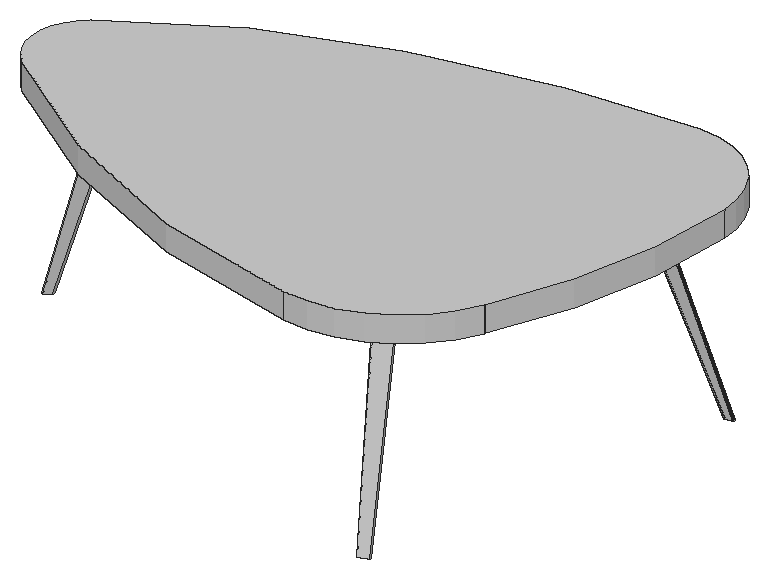
Revit family "Haworth_Mexique_OccasionalTable", category Furniture, Revit 2018
Family settings
  OmniClass Number = 23.40.70.14.64.21
  OmniClass Title = Systems Furniture
  Work Plane-Based = No
  Always vertical = Yes
  Cut with Voids When Loaded = No
  Shared = No
  Room Calculation Point = No
Parameters (values of type "High Occasional Table")
  Warranty = "http://www.haworth.com/resources/product-info/warranties"
  URL - Product = "https://www.haworth.com/na/en/products/collaborative-conference/mexique-tables.html"
  URL = "https://www.haworth.com/na/en/about/brands/haworth-collection.html"
  Top Finish [instance] = Haworth _ Paint _ Undecided _ Table
  Sustainability Info = "https://www.haworth.com/na/en/expertise/sustainability.html"
  Size = "Verify Final Dim. w/ Haworth"  # constant formula
  Revision Number = "1"  # constant formula
  Model = "HCCSMXTO"  # constant formula
  Medium = no
  Manufacturer = "Haworth"  # constant formula
  Low = no
  Leg Finish [instance] = Haworth _ Paint _ Undecided _ Table
  High = not(or(Medium, Low))  # yes
  Description = "Haworth - Cassina - Mexique - Occasional Table - High"
  Author = "Haworth (Abd Rahman)"  # constant formula
  Assembly Code = "E2020200"
  Actual Width = 46.50"  # constant formula
  Actual Height = if(Low, 12.20", if(Medium, 15.00", 17.70"))  # 17.70"
  Actual Depth = 31.50"  # constant formula
Types (3): name | Medium | Low | High | Description | Actual Height
  Low Occasional Table | no | yes | no | "Haworth - Cassina - Mexique - Occasional Table - Low" | 12.20"
  Medium Occasional Table | yes | no | no | "Haworth - Cassina - Mexique - Occasional Table - Medium" | 15.00"
  High Occasional Table | no | no | yes | "Haworth - Cassina - Mexique - Occasional Table - High" | 17.70"
Reference planes (in)
  plane 1: z = 0
  plane 2 "Top": z = 17.7
  plane 3 "Left": x = -21.26989
  plane 4 "Right": x = 25.23011
  plane 5 "Center (Left/Right)": x = 1.98011
  plane 6 "Back": y = 5.59886
  plane 7 "Front": y = -25.90114
  plane 8 "Center (Front/Back)": y = -10.15114
  plane 9: z = 15.7
  plane 10: z = 15.67992
Forms (in)
  Extrusion 1, solid, material "Haworth _ Paint _ Undecided _ Table" <- "Leg Finish"
    sketch origin (-0.0625, -0.0625, 0) x (1, 0, 0) y (0, 1, 0)
      loop
        arc (12.94251, -15.59992) -> (11.91, -15.35439) -> (11.3381, -16.24841) r 0.91639
        line (11.3381, -16.24841) -> (11.51483, -19.89079)
        arc (11.51483, -19.89079) -> (11.92879, -20.60532) -> (12.75104, -20.68159) r 0.9
        line (12.75104, -20.68159) -> (15.00933, -19.76879)
        arc (15.00933, -19.76879) -> (15.54653, -19.14389) -> (15.34813, -18.34406) r 0.89813
        line (15.34813, -18.34406) -> (12.94251, -15.59992)
      loop
        arc (20.08631, -1.70201) -> (20.55765, -1.01306) -> (20.2689, -0.22983) r 0.90978
        line (20.2689, -0.22983) -> (18.48384, 1.40328)
        arc (18.48384, 1.40328) -> (17.68675, 1.61905) -> (17.04926, 1.09415) r 0.9
        line (17.04926, 1.09415) -> (15.61781, -2.2418)
        arc (15.61781, -2.2418) -> (15.84278, -3.28582) -> (16.90264, -3.41727) r 0.92217
        line (16.90264, -3.41727) -> (20.08631, -1.70201)
      loop
        arc (-15.00329, -8.11645) -> (-15.84867, -8.23642) -> (-16.24039, -8.99511) r 0.93059
        line (-16.24039, -8.99511) -> (-16.24039, -11.37123)
        arc (-16.24039, -11.37123) -> (-15.85518, -12.11732) -> (-15.02384, -12.2353) r 0.91513
        line (-15.02384, -12.2353) -> (-11.60045, -11.04109)
        arc (-11.60045, -11.04109) -> (-10.98338, -10.17229) -> (-11.60045, -9.30349) r 0.92015
        line (-11.60045, -9.30349) -> (-15.00329, -8.11645)
    from 15.67992 to 15.7
  Blend 2, solid, material "Haworth _ Paint _ Undecided _ Table" <- "Leg Finish"
    base sketch origin (0, 0, 0) x (1, 0, 0) y (0, 1, 0)
      loop
        arc (-20.4366, -10.62119) -> (-20.3987, -10.68182) -> (-20.32758, -10.67459) r 0.06765
        line (-20.32758, -10.67459) -> (-19.8773, -10.32661)
        arc (-19.8773, -10.32661) -> (-19.83055, -10.23132) -> (-19.87745, -10.13611) r 0.12031
        line (-19.87745, -10.13611) -> (-20.32761, -9.78933)
        arc (-20.32761, -9.78933) -> (-20.39983, -9.78215) -> (-20.4381, -9.84382) r 0.06862
        line (-20.4381, -9.84382) -> (-20.4366, -10.62119)
    top sketch origin (0, 0, 0) x (1, 0, 0) y (0, 1, 0)
      loop
        arc (-15.51124, -9.40737) -> (-15.57227, -9.40368) -> (-15.60383, -9.45604) r 0.05903
        line (-15.60383, -9.45604) -> (-15.60094, -10.97559)
        arc (-15.60094, -10.97559) -> (-15.56911, -11.02794) -> (-15.50798, -11.02401) r 0.05915
        line (-15.50798, -11.02401) -> (-14.48503, -10.31137)
        arc (-14.48503, -10.31137) -> (-14.43417, -10.21373) -> (-14.4854, -10.11628) r 0.11872
        line (-14.4854, -10.11628) -> (-15.51124, -9.40737)
    from 0 to 15.67992
  Blend 3, solid, material "Haworth _ Paint _ Undecided _ Table" <- "Leg Finish"
    base sketch origin (0, 0, 0) x (1, 0, 0) y (0, 1, 0)
      loop
        line (15.78589, -23.87638) -> (15.29068, -23.58702)
        arc (15.29068, -23.58702) -> (15.19059, -23.5798) -> (15.12373, -23.65463) r 0.11375
        line (15.12373, -23.65463) -> (14.96908, -24.20838)
        arc (14.96908, -24.20838) -> (14.98622, -24.26689) -> (15.04629, -24.27728) r 0.05764
        line (15.04629, -24.27728) -> (15.77849, -23.97974)
        arc (15.77849, -23.97974) -> (15.81435, -23.93036) -> (15.78589, -23.87638) r 0.05775
    top sketch origin (0, 0, 0) x (1, 0, 0) y (0, 1, 0)
      loop
        arc (13.25657, -18.53145) -> (13.14831, -18.52131) -> (13.07696, -18.60337) r 0.11906
        line (13.07696, -18.60337) -> (12.79743, -19.82949)
        arc (12.79743, -19.82949) -> (12.81579, -19.88468) -> (12.87321, -19.8939) r 0.05607
        line (12.87321, -19.8939) -> (14.28482, -19.32032)
        arc (14.28482, -19.32032) -> (14.32011, -19.27315) -> (14.29487, -19.21992) r 0.05705
        line (14.29487, -19.21992) -> (13.25657, -18.53145)
    from 0 to 15.67992
  Blend 4, solid, material "Haworth _ Paint _ Undecided _ Table" <- "Leg Finish"
    base sketch origin (-0.40247, -13.18189, 0) x (0.939693, -0.34202, 0) y (0.34202, 0.939693, 0)
      loop
        arc (15.76529, 23.1888) -> (15.79376, 23.24278) -> (15.7579, 23.29216) r 0.05775
        line (15.7579, 23.29216) -> (15.02569, 23.5897)
        arc (15.02569, 23.5897) -> (14.96562, 23.57931) -> (14.94848, 23.5208) r 0.05764
        line (14.94848, 23.5208) -> (15.10314, 22.96705)
        arc (15.10314, 22.96705) -> (15.16999, 22.89222) -> (15.27008, 22.89944) r 0.11375
        line (15.27008, 22.89944) -> (15.76529, 23.1888)
    top sketch origin (-0.40247, -13.18189, 0) x (0.939693, -0.34202, 0) y (0.34202, 0.939693, 0)
      loop
        arc (14.29818, 18.57315) -> (14.32469, 18.62875) -> (14.28772, 18.67802) r 0.05947
        line (14.28772, 18.67802) -> (12.8792, 19.24494)
        arc (12.8792, 19.24494) -> (12.81854, 19.23505) -> (12.79918, 19.17671) r 0.05935
        line (12.79918, 19.17671) -> (13.07615, 17.96052)
        arc (13.07615, 17.96052) -> (13.14716, 17.87724) -> (13.25607, 17.8881) r 0.11803
        line (13.25607, 17.8881) -> (14.29818, 18.57315)
    from 0 to 15.67992
Lines and regions (in)
  symbolic lines, style "FurnitureHiddenLines"
    curve 1: arc (-15.06579, -8.17895, 0) -> (-15.91117, -8.29892, 0) -> (-16.30289, -9.05761, 0) r 0.93059
    curve 2: line (-11.66295, -9.36599, 0) -> (-15.06579, -8.17895, 0)
    curve 3: arc (-11.66295, -11.10359, 0) -> (-11.04588, -10.23479, 0) -> (-11.66295, -9.36599, 0) r 0.92015
    curve 4: line (-15.08634, -12.2978, 0) -> (-11.66295, -11.10359, 0)
    curve 5: arc (-16.30289, -11.43373, 0) -> (-15.91768, -12.17982, 0) -> (-15.08634, -12.2978, 0) r 0.91513
    curve 6: line (-16.30289, -9.05761, 0) -> (-16.30289, -9.45581, 0)
    curve 7: line (-16.30289, -10.98196, 0) -> (-16.30289, -11.43373, 0)
    curve 8: line (-20.4366, -10.62119, 0) -> (-20.4381, -9.84382, 0)
    curve 9: arc (-20.4381, -9.84382, 0) -> (-20.42779, -9.80751, 0) -> (-20.39983, -9.78215, 0) r 0.06862
    curve 10: arc (-20.3987, -10.68182, 0) -> (-20.42631, -10.65692, 0) -> (-20.4366, -10.62119, 0) r 0.06765
    curve 11: line (-20.3987, -10.68182, 0) -> (-16.30289, -10.98196, 0)
    curve 12: line (-20.39983, -9.78215, 0) -> (-16.30289, -9.45581, 0)
    curve 13: arc (12.88001, -15.66242, 0) -> (11.8475, -15.41689, 0) -> (11.2756, -16.31091, 0) r 0.91639
    curve 14: line (15.28563, -18.40656, 0) -> (12.88001, -15.66242, 0)
    curve 15: line (11.2756, -16.31091, 0) -> (11.45233, -19.95329, 0)
    curve 16: arc (11.45233, -19.95329, 0) -> (11.86629, -20.66782, 0) -> (12.68854, -20.74409, 0) r 0.9
    curve 17: arc (14.94683, -19.83129, 0) -> (15.48403, -19.20639, 0) -> (15.28563, -18.40656, 0) r 0.89813
    curve 18: line (14.55568, -19.9894, 0) -> (14.94683, -19.83129, 0)
    curve 19: line (12.68854, -20.74409, 0) -> (13.14636, -20.55904, 0)
    curve 20: line (15.77849, -23.97974, 0) -> (15.04629, -24.27728, 0)
    curve 21: arc (15.81435, -23.93036, 0) -> (15.80348, -23.96017, 0) -> (15.77849, -23.97974, 0) r 0.05775
    curve 22: arc (15.04629, -24.27728, 0) -> (15.01477, -24.28067, 0) -> (14.98622, -24.26689, 0) r 0.05764
    curve 23: line (14.98622, -24.26689, 0) -> (13.14636, -20.55904, 0)
    curve 24: line (15.81435, -23.93036, 0) -> (14.55568, -19.9894, 0)
    curve 25: arc (18.42134, 1.34078, 0) -> (17.62425, 1.55655, 0) -> (16.98676, 1.03165, 0) r 0.9
    curve 26: line (16.98676, 1.03165, 0) -> (15.55531, -2.3043, 0)
    curve 27: arc (15.55531, -2.3043, 0) -> (15.78028, -3.34832, 0) -> (16.84014, -3.47977, 0) r 0.92217
    curve 28: line (16.84014, -3.47977, 0) -> (20.02381, -1.76451, 0)
    curve 29: arc (20.02381, -1.76451, 0) -> (20.49515, -1.07556, 0) -> (20.2064, -0.29233, 0) r 0.90978
    curve 30: line (20.2064, -0.29233, 0) -> (19.88243, 0.00405, 0)
    curve 31: line (21.78521, 3.84609, 0) -> (22.3715, 3.31607, 0)
    curve 32: arc (22.3715, 3.31607, 0) -> (22.38828, 3.28913, 0) -> (22.38831, 3.2574, 0) r 0.05775
    curve 33: arc (21.72521, 3.85687, 0) -> (21.75675, 3.86006, 0) -> (21.78521, 3.84609, 0) r 0.05764
    curve 34: line (21.72521, 3.85687, 0) -> (18.7612, 1.02984, 0)
    curve 35: line (22.38831, 3.2574, 0) -> (19.88243, 0.00405, 0)
    curve 36: line (18.42134, 1.34078, 0) -> (18.7612, 1.02984, 0)
Dimensions and locks (in)
  "Actual Height": plane 2 "Top" to plane 1
  "Actual Width": plane 3 "Left" to plane 4 "Right"
  equal spacing: plane 3 "Left", plane 5 "Center (Left/Right)", plane 4 "Right"
  "Actual Depth": plane 7 "Front" to plane 6 "Back"
  equal spacing: plane 7 "Front", plane 8 "Center (Front/Back)", plane 6 "Back"
  plane 2 "Top" to plane 9 to plane 10 = 2.00" locked, 0.02008" locked
  aligned and locked: plane 5 "Center (Left/Right)" to nested 1
  aligned and locked: plane 8 "Center (Front/Back)" to nested 1
  aligned and locked: Extrusion 1 to plane 9
  aligned and locked: plane 10 to Extrusion 1
  aligned and locked: Blend 2 to plane 10
  aligned and locked: Blend 3 to level
  aligned and locked: Blend 3 to plane 10
  aligned and locked: Blend 2 to plane 1
  aligned and locked: Blend 4 to plane 1
  aligned and locked: Blend 4 to plane 10
  aligned and locked: plane 2 "Top" to nested 1  (x2)
  aligned and locked: plane 9 to nested 1  (x2)
Automatic sketch dimensions
  Extrusion 1 sketch curve to plane 8 "Center (Front/Back)" = 1.09353"
  plane 3 "Left" to Extrusion 1 sketch curve = 4.967"
  plane 8 "Center (Front/Back)" to Extrusion 1 sketch curve = 1.28259"
  Extrusion 1 sketch curve to Extrusion 1 sketch curve = 0.00"
  Extrusion 1 sketch curve to Extrusion 1 sketch curve = 0.91513"
  Extrusion 1 sketch curve to Extrusion 1 sketch curve = 0.93059"
  plane 8 "Center (Front/Back)" to Extrusion 1 sketch curve = 2.14665"
  Extrusion 1 sketch curve to Extrusion 1 sketch curve = 0.30142"
  Extrusion 1 sketch curve to plane 8 "Center (Front/Back)" = 1.97219"
  Extrusion 1 sketch curve to Extrusion 1 sketch curve = 0.30651"
  plane 8 "Center (Front/Back)" to Extrusion 1 sketch curve = 0.08365"
  Extrusion 1 sketch curve to Extrusion 1 sketch curve = 3.40628"
  plane 8 "Center (Front/Back)" to Extrusion 1 sketch curve = 0.95245"
  Extrusion 1 sketch curve to Extrusion 1 sketch curve = 0.30307"
  Extrusion 1 sketch curve to plane 8 "Center (Front/Back)" = 0.78516"
  Extrusion 1 sketch curve to plane 5 "Center (Left/Right)" = 9.2955"
  Extrusion 1 sketch curve to Extrusion 1 sketch curve = 0.17673"
  Extrusion 1 sketch curve to Extrusion 1 sketch curve = 0.91531"
  Extrusion 1 sketch curve to Extrusion 1 sketch curve = 0.89894"
  Extrusion 1 sketch curve to plane 7 "Front" = 5.15705"
  Extrusion 1 sketch curve to Extrusion 1 sketch curve = 0.33727"
  plane 8 "Center (Front/Back)" to Extrusion 1 sketch curve = 5.51127"
  Extrusion 1 sketch curve to Extrusion 1 sketch curve = 0.68909"
  Extrusion 1 sketch curve to Extrusion 1 sketch curve = 2.25899"
  Extrusion 1 sketch curve to plane 7 "Front" = 6.06985"
  Extrusion 1 sketch curve to Extrusion 1 sketch curve = 0.33657"
  Extrusion 1 sketch curve to plane 7 "Front" = 7.49459"
  Extrusion 1 sketch curve to Extrusion 1 sketch curve = 0.67536"
  plane 4 "Right" to Extrusion 1 sketch curve = 9.6748"
  Extrusion 1 sketch curve to Extrusion 1 sketch curve = 0.84744"
  Extrusion 1 sketch curve to Extrusion 1 sketch curve = 0.43739"
  Extrusion 1 sketch curve to Extrusion 1 sketch curve = 1.43146"
  Extrusion 1 sketch curve to Extrusion 1 sketch curve = 0.82707"
  plane 6 "Back" to Extrusion 1 sketch curve = 4.25808"
  Extrusion 1 sketch curve to Extrusion 1 sketch curve = 0.60751"
  Extrusion 1 sketch curve to Extrusion 1 sketch curve = 1.77845"
  Extrusion 1 sketch curve to Extrusion 1 sketch curve = 0.43152"
  Extrusion 1 sketch curve to Extrusion 1 sketch curve = 0.61411"
  Extrusion 1 sketch curve to Extrusion 1 sketch curve = 0.7908"
  Extrusion 1 sketch curve to Extrusion 1 sketch curve = 0.64849"
  Extrusion 1 sketch curve to Extrusion 1 sketch curve = 4.82055"
  Extrusion 1 sketch curve to Extrusion 1 sketch curve = 0.81184"
  Extrusion 1 sketch curve to Extrusion 1 sketch curve = 3.10528"
  Extrusion 1 sketch curve to Extrusion 1 sketch curve = 0.80093"
  Extrusion 1 sketch curve to Extrusion 1 sketch curve = 0.66403"
  Blend 2 sketch curve to plane 8 "Center (Front/Back)" = 0.30732"
  plane 3 "Left" to Blend 2 sketch curve = 0.83179"
  Blend 2 sketch curve to Blend 2 sketch curve = 0.0015"
  Blend 2 sketch curve to Blend 2 sketch curve = 0.06862"
  Blend 2 sketch curve to Blend 2 sketch curve = 0.06765"
  Blend 2 sketch curve to plane 8 "Center (Front/Back)" = 0.36181"
  Blend 2 sketch curve to Blend 2 sketch curve = 0.04187"
  plane 8 "Center (Front/Back)" to Blend 2 sketch curve = 0.52345"
  Blend 2 sketch curve to Blend 2 sketch curve = 0.04137"
  plane 8 "Center (Front/Back)" to Blend 2 sketch curve = 0.08027"
  Blend 2 sketch curve to Blend 2 sketch curve = 0.41862"
  Blend 2 sketch curve to plane 8 "Center (Front/Back)" = 0.01504"
  Blend 2 sketch curve to Blend 2 sketch curve = 0.07342"
  plane 8 "Center (Front/Back)" to Blend 2 sketch curve = 0.17547"
  Blend 2 sketch curve to Blend 2 sketch curve = 0.0534"
  Blend 2 sketch curve to plane 8 "Center (Front/Back)" = 0.6951"
  plane 3 "Left" to Blend 2 sketch curve = 5.66606"
  plane 8 "Center (Front/Back)" to Blend 2 sketch curve = 0.82445"
  Blend 2 sketch curve to Blend 2 sketch curve = 0.0029"
  Blend 2 sketch curve to Blend 2 sketch curve = 0.05903"
  Blend 2 sketch curve to Blend 2 sketch curve = 0.05915"
  Blend 2 sketch curve to plane 8 "Center (Front/Back)" = 0.74378"
  Blend 2 sketch curve to Blend 2 sketch curve = 0.03356"
  plane 8 "Center (Front/Back)" to Blend 2 sketch curve = 0.87287"
  Blend 2 sketch curve to Blend 2 sketch curve = 0.03381"
  plane 8 "Center (Front/Back)" to Blend 2 sketch curve = 0.06281"
  Blend 2 sketch curve to Blend 2 sketch curve = 0.9889"
  Blend 2 sketch curve to plane 8 "Center (Front/Back)" = 0.03486"
  Blend 2 sketch curve to Blend 2 sketch curve = 0.0675"
  plane 8 "Center (Front/Back)" to Blend 2 sketch curve = 0.16022"
  Blend 3 sketch curve to plane 7 "Front" = 1.69276"
  plane 4 "Right" to Blend 3 sketch curve = 10.26103"
  Blend 3 sketch curve to Blend 3 sketch curve = 0.05551"
  Blend 3 sketch curve to plane 7 "Front" = 1.62386"
  Blend 3 sketch curve to Blend 3 sketch curve = 0.0217"
  Blend 3 sketch curve to plane 7 "Front" = 2.24651"
  Blend 3 sketch curve to Blend 3 sketch curve = 0.15465"
  Blend 3 sketch curve to Blend 3 sketch curve = 0.10956"
  Blend 3 sketch curve to plane 7 "Front" = 2.31413"
  Blend 3 sketch curve to Blend 3 sketch curve = 0.05739"
  Blend 3 sketch curve to Blend 3 sketch curve = 0.52346"
  Blend 3 sketch curve to plane 7 "Front" = 1.9214"
  Blend 3 sketch curve to Blend 3 sketch curve = 0.02174"
  Blend 3 sketch curve to plane 7 "Front" = 2.02476"
  Blend 3 sketch curve to Blend 3 sketch curve = 0.02913"
  Blend 3 sketch curve to Blend 3 sketch curve = 0.05467"
  Blend 3 sketch curve to plane 7 "Front" = 6.00724"
  Blend 3 sketch curve to Blend 3 sketch curve = 0.02111"
  Blend 3 sketch curve to Blend 3 sketch curve = 0.27953"
  Blend 3 sketch curve to Blend 3 sketch curve = 0.1156"
  Blend 3 sketch curve to plane 7 "Front" = 7.3697"
  Blend 3 sketch curve to Blend 3 sketch curve = 0.06401"
  Blend 3 sketch curve to Blend 3 sketch curve = 1.07077"
  Blend 3 sketch curve to plane 7 "Front" = 6.58082"
  Blend 3 sketch curve to Blend 3 sketch curve = 0.02148"
  Blend 3 sketch curve to plane 7 "Front" = 6.68122"
  Blend 3 sketch curve to Blend 3 sketch curve = 0.03153"
  Blend 3 sketch curve to Blend 3 sketch curve = 0.05195"
  Blend 3 sketch curve to Blend 3 sketch curve = 0.10039"
  Blend 3 sketch curve to plane 5 "Center (Left/Right)" = 10.81733"
  Blend 4 sketch curve to plane 6 "Back" = 1.79111"
  Blend 4 sketch curve to plane 4 "Right" = 3.54101"
  Blend 4 sketch curve to Blend 4 sketch curve = 0.05551"
  Blend 4 sketch curve to Blend 4 sketch curve = 0.0217"
  Blend 4 sketch curve to Blend 4 sketch curve = 0.15465"
  Blend 4 sketch curve to Blend 4 sketch curve = 0.10956"
  Blend 4 sketch curve to Blend 4 sketch curve = 0.05739"
  Blend 4 sketch curve to Blend 4 sketch curve = 0.52346"
  Blend 4 sketch curve to Blend 4 sketch curve = 0.02174"
  Blend 4 sketch curve to Blend 4 sketch curve = 0.02913"
  Blend 4 sketch curve to Blend 4 sketch curve = 0.0155"
  Blend 4 sketch curve to Blend 4 sketch curve = 0.29754"
  Blend 4 sketch curve to Blend 4 sketch curve = 0.0535"
  Blend 4 sketch curve to Blend 4 sketch curve = 0.24101"
  Blend 4 sketch curve to Blend 4 sketch curve = 0.0306"
  Blend 4 sketch curve to Blend 4 sketch curve = 0.05786"
  Blend 4 sketch curve to Blend 4 sketch curve = 0.02216"
  Blend 4 sketch curve to Blend 4 sketch curve = 0.27697"
  Blend 4 sketch curve to Blend 4 sketch curve = 0.02221"
  Blend 4 sketch curve to Blend 4 sketch curve = 0.03267"
  Blend 4 sketch curve to Blend 4 sketch curve = 0.05505"
  Blend 4 sketch curve to Blend 4 sketch curve = 0.05517"
  Blend 4 sketch curve to Blend 4 sketch curve = 0.63611"
  Blend 4 sketch curve to Blend 4 sketch curve = 0.02621"
  Blend 4 sketch curve to plane 6 "Back" = 5.13811"
  Blend 4 sketch curve to plane 4 "Right" = 7.04646"
  Blend 4 sketch curve to Blend 4 sketch curve = 0.11509"
  Blend 4 sketch curve to Blend 4 sketch curve = 0.06484"
  Blend 4 sketch curve to Blend 4 sketch curve = 1.07428"
  Blend 4 sketch curve to Blend 4 sketch curve = 0.56692"
  curve 8 to plane 8 "Center (Front/Back)" = 0.30732"
  plane 3 "Left" to curve 8 = 0.83179"
  plane 8 "Center (Front/Back)" to curve 8 = 0.47005"
  curve 9 to curve 8 = 0.0015"
  curve 12 to plane 8 "Center (Front/Back)" = 0.36899"
  curve 9 to curve 12 = 0.03827"
  plane 8 "Center (Front/Back)" to curve 11 = 0.53067"
  curve 10 to curve 11 = 0.03789"
  curve 9 to curve 9 = 0.06862"
  curve 10 to curve 10 = 0.06765"
  curve 6 to plane 8 "Center (Front/Back)" = 1.09353"
  curve 9 to curve 6 = 4.06659"
  curve 6 to plane 8 "Center (Front/Back)" = 0.69533"
  curve 1 to curve 6 = 0.00"
  plane 8 "Center (Front/Back)" to curve 7 = 0.83081"
  curve 6 to curve 7 = 0.00"
  plane 8 "Center (Front/Back)" to curve 7 = 1.28259"
  curve 7 to curve 7 = 0.00"
  curve 5 to curve 5 = 0.91513"
  curve 1 to curve 1 = 0.93059"
  plane 8 "Center (Front/Back)" to curve 4 = 2.14665"
  curve 5 to curve 4 = 0.30142"
  curve 2 to plane 8 "Center (Front/Back)" = 1.97219"
  curve 1 to curve 2 = 0.30651"
  plane 8 "Center (Front/Back)" to curve 3 = 0.08365"
  curve 1 to curve 3 = 3.40628"
  plane 8 "Center (Front/Back)" to curve 4 = 0.95245"
  curve 3 to curve 4 = 0.30307"
  curve 2 to plane 8 "Center (Front/Back)" = 0.78516"
  curve 15 to plane 5 "Center (Left/Right)" = 9.2955"
  curve 15 to curve 15 = 0.17673"
  curve 13 to curve 13 = 0.91531"
  curve 16 to curve 16 = 0.89894"
  curve 19 to plane 7 "Front" = 5.15705"
  curve 16 to curve 19 = 0.33727"
  plane 8 "Center (Front/Back)" to curve 14 = 5.51127"
  curve 13 to curve 14 = 0.68909"
  curve 19 to curve 18 = 1.86713"
  curve 18 to curve 17 = 0.05459"
  curve 18 to curve 18 = 0.39116"
  curve 23 to plane 7 "Front" = 1.63426"
  curve 19 to curve 23 = 2.29768"
  curve 22 to curve 22 = 0.03838"
  curve 20 to plane 7 "Front" = 1.62386"
  curve 22 to curve 20 = 0.0217"
  curve 14 to plane 7 "Front" = 7.49459"
  curve 17 to curve 14 = 0.67536"
  plane 4 "Right" to curve 26 = 9.6748"
  curve 22 to curve 21 = 0.73216"
  curve 20 to plane 7 "Front" = 1.9214"
  curve 21 to curve 20 = 0.02174"
  curve 24 to plane 7 "Front" = 1.97078"
  curve 21 to curve 24 = 0.0576"
  curve 27 to curve 27 = 0.84744"
  curve 27 to curve 28 = 0.43739"
  curve 27 to curve 26 = 1.43146"
  curve 25 to curve 25 = 0.82707"
  curve 25 to curve 29 = 1.77845"
  curve 29 to curve 30 = 0.29014"
  curve 29 to curve 28 = 0.43152"
  curve 30 to curve 30 = 0.32396"
  plane 4 "Right" to curve 33 = 3.48354"
  curve 33 to curve 31 = 0.03865"
  curve 33 to curve 32 = 0.58621"
  curve 32 to curve 31 = 0.03873"
  curve 24 to curve 17 = 1.58284"
  curve 16 to curve 15 = 0.7908"
  curve 18 to curve 18 = 0.1581"
  curve 15 to curve 14 = 0.64849"
  curve 28 to plane 8 "Center (Front/Back)" = 6.67137"
  curve 28 to curve 27 = 0.81184"
  curve 28 to curve 28 = 1.71526"
  curve 28 to curve 29 = 0.80093"
  curve 30 to curve 35 = 0.29639"
  curve 30 to curve 25 = 0.67269"
  curve 25 to curve 26 = 0.3549"
  curve 32 to curve 31 = 0.04284"
  curve 32 to curve 33 = 0.53011"
  curve 33 to curve 31 = 0.04275"
  curve 19 to plane 7 "Front" = 5.3421"
  curve 19 to curve 19 = 0.45782"
  curve 23 to plane 7 "Front" = 5.3421"
  curve 25 to curve 36 = 0.60751"
  curve 25 to curve 34 = 0.33986"
  curve 33 to curve 33 = 0.02135"
  plane 6 "Back" to curve 34 = 1.74199"
  curve 32 to curve 32 = 0.05554"
  curve 34 to curve 25 = 0.31093"
Nested families (in)
  nested 1: "Haworth_Mexique_Table_TableTop-PART" at (0, 0, 0), Table Finish <- "Top Finish", type "Table Top - PART"
    with Table Finish Haworth _ Paint _ Undecided _ Table, Actual Height 17.70"
Definition of nested family "Haworth_Mexique_Table_TableTop-PART"
  Parameters (values of type "Table Top - PART")
    Warranty = "http://www.haworth.com/resources/product-info/warranties"
    URL - Product = "https://www.haworth.com/na/en/products/collaborative-conference/mexique-tables.html"
    URL = "https://www.haworth.com/na/en/about/brands/haworth-collection.html"
    Table Finish [instance] = none
    Sustainability Info = "https://www.haworth.com/na/en/expertise/sustainability.html"
    Size = "Verify Final Dim. w/ Haworth"  # constant formula
    Revision Number = "1"  # constant formula
    Model = "Haworth - Cassina - Mexique"  # constant formula
    Manufacturer = "Haworth"  # constant formula
    Description = "Haworth - Cassina - Mexique - Table Top - PART"  # constant formula
    Author = "Haworth (Abd Rahman)"  # constant formula
    Assembly Code = "E2020200"
    Actual Width = 46.50"  # constant formula
    Actual Height = 27.60"
    Actual Depth = 31.50"  # constant formula
  Reference planes (in)
    plane 1: z = 0
    plane 2 "Top": z = 27.6
    plane 3 "Left": x = -21.26989
    plane 4 "Right": x = 25.23011
    plane 5 "Center (Left/Right)": x = 1.98011
    plane 6 "Back": y = 5.59886
    plane 7 "Front": y = -25.90114
    plane 8 "Center (Front/Back)": y = -10.15114
    plane 9: z = 25.6
  Forms (in)
    Extrusion 1, solid, material <- "Table Finish"
      sketch origin (0, 0, 0) x (1, 0, 0) y (0, 1, 0)
        loop
          arc (-19.6587, -13.57236) -> (-5.40679, -21.908) -> (10.61364, -25.90114) r 58.13825
          arc (10.61364, -25.90114) -> (16.95891, -24.48945) -> (21.19833, -19.56173) r 10.31012
          arc (21.19833, -19.56173) -> (21.2101, -19.53426) -> (21.22268, -19.50716) r 1
          arc (21.22268, -19.50716) -> (24.30133, -10.5849) -> (25.22271, -1.1915) r 40.34423
          arc (25.22271, -1.1915) -> (22.97955, 3.80888) -> (17.8214, 5.66065) r 7
          arc (17.8214, 5.66065) -> (8.17148, 4.53442) -> (-1.2804, 2.28695) r 82.89939
          arc (-1.2804, 2.28695) -> (-1.88262, 2.10691) -> (-2.48541, 1.92876) r 200
          arc (-2.48541, 1.92876) -> (-11.48102, -1.6707) -> (-19.63673, -6.90152) r 51.16222
          arc (-19.63673, -6.90152) -> (-21.26381, -10.23162) -> (-19.6587, -13.57236) r 4.25
      from 25.6 to 27.6
  Lines and regions (in)
    Masking region 1
      outline origin (0, 0, 0) x (1, 0, 0) y (0, 1, 0)
        loop
          arc (-2.48541, 1.92876) -> (-11.48102, -1.6707) -> (-19.63673, -6.90152) r 51.16222
          arc (-19.63673, -6.90152) -> (-21.26381, -10.23162) -> (-19.6587, -13.57236) r 4.25
          arc (-19.6587, -13.57236) -> (-5.40679, -21.908) -> (10.61364, -25.90114) r 58.13825
          arc (10.61364, -25.90114) -> (16.9715, -24.4819) -> (21.20946, -19.53453) r 10.31012
          arc (21.20946, -19.53453) -> (24.29808, -10.59975) -> (25.22271, -1.1915) r 40.34423
          arc (25.22271, -1.1915) -> (22.97955, 3.80888) -> (17.8214, 5.66065) r 7
          arc (17.8214, 5.66065) -> (8.17148, 4.53442) -> (-1.2804, 2.28695) r 82.89939
          arc (-1.2804, 2.28695) -> (-1.88262, 2.10691) -> (-2.48541, 1.92876) r 200
  Dimensions and locks (in)
    "Actual Height": plane 2 "Top" to plane 1
    "Actual Width": plane 3 "Left" to plane 4 "Right"
    equal spacing: plane 3 "Left", plane 5 "Center (Left/Right)", plane 4 "Right"
    "Actual Depth": plane 7 "Front" to plane 6 "Back"
    equal spacing: plane 7 "Front", plane 8 "Center (Front/Back)", plane 6 "Back"
    locked: plane 2 "Top" to plane 9 at 2
    aligned and locked: plane 2 "Top" to Extrusion 1
    aligned and locked: Extrusion 1 to plane 9
  Automatic sketch dimensions
    plane 7 "Front" to Extrusion 1 sketch curve = 0.00"  (x2)
    Extrusion 1 sketch curve to plane 3 "Left" = 37.59879"
    plane 8 "Center (Front/Back)" to Extrusion 1 sketch curve = 0.09447"
    plane 3 "Left" to Extrusion 1 sketch curve = 4.25606"
    plane 3 "Left" to Extrusion 1 sketch curve = 6.15602"
    Extrusion 1 sketch curve to plane 5 "Center (Left/Right)" = 9.68129"
    Extrusion 1 sketch curve to plane 5 "Center (Left/Right)" = 9.95796"
    plane 4 "Right" to Extrusion 1 sketch curve = 8.70822"
    plane 4 "Right" to Extrusion 1 sketch curve = 7.00607"
    plane 4 "Right" to Extrusion 1 sketch curve = 3.10677"
    plane 4 "Right" to Extrusion 1 sketch curve = 2.64034"
    plane 7 "Front" to Extrusion 1 sketch curve = 21.25713"
    Extrusion 1 sketch curve to Extrusion 1 sketch curve = 29.94321"
    Extrusion 1 sketch curve to plane 7 "Front" = 5.95946"
    plane 8 "Center (Front/Back)" to Extrusion 1 sketch curve = 5.49326"
    plane 6 "Back" to Extrusion 1 sketch curve = 7.5757"
    plane 6 "Back" to Extrusion 1 sketch curve = 6.92662"
    Extrusion 1 sketch curve to plane 6 "Back" = 26.33726"
    Extrusion 1 sketch curve to Extrusion 1 sketch curve = 161.88044"
    Extrusion 1 sketch curve to Extrusion 1 sketch curve = 0.00"  (x7)
    Masking region 1 sketch curve to plane 5 "Center (Left/Right)" = 9.95796"
    plane 4 "Right" to Masking region 1 sketch curve = 7.00607"
    plane 4 "Right" to Masking region 1 sketch curve = 2.64034"
    plane 7 "Front" to Masking region 1 sketch curve = 51.20034"
    plane 7 "Front" to Masking region 1 sketch curve = 21.25713"
    plane 6 "Back" to Masking region 1 sketch curve = 6.92662"
    plane 5 "Center (Left/Right)" to Masking region 1 sketch curve = 3.26051"
    Masking region 1 sketch curve to Masking region 1 sketch curve = 1.205"
    plane 3 "Left" to Masking region 1 sketch curve = 1.63317"
    Masking region 1 sketch curve to plane 6 "Back" = 0.06179"
    Masking region 1 sketch curve to Masking region 1 sketch curve = 0.00"  (x4)
    plane 4 "Right" to Masking region 1 sketch curve = 0.00739"
    Masking region 1 sketch curve to plane 8 "Center (Front/Back)" = 3.24962"
    plane 3 "Left" to Masking region 1 sketch curve = 6.15602"
    plane 4 "Right" to Masking region 1 sketch curve = 4.02065"
    plane 7 "Front" to Masking region 1 sketch curve = 0.00"  (x2)
    plane 8 "Center (Front/Back)" to Masking region 1 sketch curve = 5.49326"
    Masking region 1 sketch curve to Masking region 1 sketch curve = 9.54806"
    plane 4 "Right" to Masking region 1 sketch curve = 8.70822"
    plane 3 "Left" to Masking region 1 sketch curve = 1.6112"
